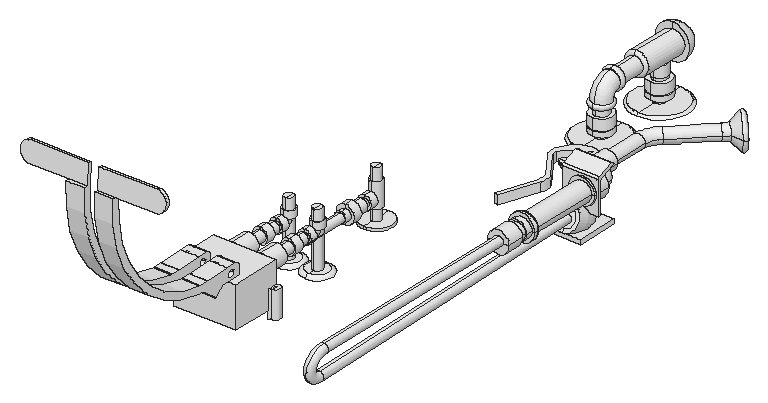
Revit family "Bed_Pan-American_Standard-Cleanser-7880.124xxx", category Plumbing Fixtures, host Face, Revit 2014
Parameters (values of type "7880.124")
  Width = 0' - 3 3/4"
  Waste Connection = yes
  WFU = 2
  Vent Connection = no
  URL = "https://www.americanstandard-us.com/"
  Revised Date = "11/21/2016"
  Product Page URL = "https://www.americanstandard-us.com/bathroom/commercial-faucets/bed-pan-cleanser-with-self-closing-spray-valve-and-wall-mounted-pedal-valve-19837"
  Product Documentation Link = "https://www.americanstandard-us.com/-/media/sites/asus/files/product-specs/bulk/specsheet7880124.pdf?la=en"
  Outlet Diameter = 0' - 0 3/8"
  NPT Connection Size = 0' - 0 1/2"
  Model = "7880.124"
  Material = "Brass-American Standard-002-Polished Chrome"
  Manufacturer = "American Standard"
  Length = 0' - 11 5/16"
  Inlet Diameter Connection = 0' - 0 3/8"
  Height = 1' - 10 1/4"
  HWFU = 1.5
  HW Connection = yes
  Description = "Bed Pan Cleaners Self-Closing Spray and Wall Mounted Pedal Valve."
  Default Elevation = 1' - 5 1/4"
  CWFU = 1.5
  CW Connection = yes
  Assembly Code = "D2030400"
Reference planes (in)
  plane 1 "Center (Front/Back)": y = 0
  plane 2: z = 0
  plane 3 "Center (Left/Right)": x = 0
  plane 4: y = -17.24036
  plane 5: y = -4.24036
  plane 6: y = 5.00964
  plane 7: y = -7.17786
  plane 8: x = 0.78125
  plane 9: x = -0.78125
  plane 10: x = 1.55065
  plane 11: y = -2.75
  plane 12: y = -14.86536
  plane 13: z = 11.3125
  plane 14: x = 1.875
  plane 15: x = -1.875
  plane 16: y = 16.75486
  plane 17: y = 20.75486
  plane 18: y = 19.1723
  plane 19: y = 4.2973
Forms (in)
  Sweep 1, solid, material "Brass-American Standard-002-Polished Chrome"
    path origin (-0.78125, 18.23527, -47.5) x (0, 1, 0) y (0, 0, -1)
      loop
        line (-26.74914, -50.77866) -> (-26.87544, -50.77866)
        arc (-26.87544, -50.77866) -> (-26.90572, -50.77952) -> (-26.93591, -50.78209) r 0.53507
        arc (-26.93591, -50.78209) -> (-31.14527, -53.07867) -> (-32.55746, -57.66112) r 6.36505
    profile origin (-0.78125, -8.57702, 3.27866) x (0, 0, 1) y (-1, 0, 0)
      loop
        line (0, 0.5) -> (-0.375, 0.5) -> (-0.375, -0.5) -> (0, -0.5) -> (0, 0.5)
  Extrusion 2, solid, material "Brass-American Standard-002-Polished Chrome"
    sketch origin (-1.4766, 20.25658, -45.80938) x (0, 0.999391, 0.034899) y (0, 0.034899, -0.999391)
      loop
        line (-32.46689, -58.26275) -> (-32.60436, -57.14319) -> (-32.76212, -57.16256) -> (-32.62465, -58.28212) -> (-32.46689, -58.26275)
    from -1.19535 to 2.61109
  Extrusion 3, solid, material "Brass-American Standard-002-Polished Chrome"
    sketch origin (2, 18.59205, -47.5) x (0, 1, 0) y (0, 0, -1)
      loop
        line (-22.58241, -50.16623) -> (-22.58241, -47.91623) -> (-25.39406, -47.91623) -> (-25.39406, -50.16623) -> (-22.58241, -50.16623)
    from 0.29687 to 3.70312
  Extrusion 4, solid, material "Brass-American Standard-002-Polished Chrome"
    sketch origin (-0.28125, 18.59205, -47.5) x (0, 1, 0) y (0, 0, -1)
      loop
        line (-24.63929, -50.16623) -> (-25.72314, -50.16623) -> (-25.89992, -49.98945) -> (-26.19736, -49.69201) -> (-27.10592, -50.40186) -> (-27.10592, -50.77866) -> (-26.75314, -50.77866)
        arc (-26.75314, -50.77866) -> (-26.7377, -50.7789) -> (-26.72227, -50.7796) r 0.51034
        arc (-26.72227, -50.7796) -> (-26.05596, -50.81643) -> (-25.38929, -50.84621) r 62.94107
        arc (-25.38929, -50.84621) -> (-25.13417, -50.85112) -> (-24.87906, -50.8458) r 6.35851
        arc (-24.87906, -50.8458) -> (-24.70893, -50.76913) -> (-24.63929, -50.59601) r 0.25
        line (-24.63929, -50.59601) -> (-24.63929, -50.16623)
      loop
        circle (-25.17542, -50.44597) r 0.20722
    from 0 to 1
  Revolve 5, solid, material "Brass-American Standard-002-Polished Chrome"
    sketch origin (0, 18.59205, -47.6875) x (0, 1, 0) y (0, 0, -1)
      loop
        line (-13.58241, -48.94084) -> (-13.58241, -48.7103) -> (-13.96293, -48.7103) -> (-13.96293, -48.56172) -> (-14.37418, -48.56172) -> (-14.37418, -48.7103) -> (-14.62418, -48.7103) -> (-14.62418, -48.60506) -> (-15.22847, -48.60506) -> (-15.22847, -48.43791) -> (-15.69275, -48.43791) -> (-15.69275, -48.63631) -> (-16.0457, -48.63631) -> (-16.0457, -48.71167) -> (-21.34205, -48.71167) -> (-21.34205, -48.42247) -> (-22.4696, -48.42247) -> (-22.4696, -48.4929) -> (-22.58241, -48.4929) -> (-22.58241, -48.94084) -> (-13.58241, -48.94084)
      axis (-22.58241, -48.94084) -> (-13.58241, -48.94084)
    angle from 0 to 360
  Revolve 6, solid, material "Brass-American Standard-002-Polished Chrome"
    sketch origin (0.78125, 19.17472, -47.5) x (0, 1, 0) y (0, 0, -1)
      loop
        line (-19.17472, -50.68173) -> (-19.17472, -47.5) -> (-19.98974, -47.5)
        arc (-19.98974, -47.5) -> (-19.90599, -47.60844) -> (-19.78382, -47.67046) r 0.31154
        line (-19.78382, -47.67046) -> (-19.42472, -47.67046) -> (-19.42472, -49.7423) -> (-19.52307, -49.7423) -> (-19.52307, -50.10509) -> (-19.42472, -50.10509) -> (-19.42472, -50.68173) -> (-19.17472, -50.68173)
      axis (-19.17472, -50.68173) -> (-19.17472, -47.5)
    angle from 0 to 360
  Revolve 7, solid, material "Brass-American Standard-002-Polished Chrome"
    sketch origin (-0.78125, 19.17472, -47.5) x (0, 1, 0) y (0, 0, 1)
      loop
        line (-19.17472, 50.68173) -> (-19.42472, 50.68173) -> (-19.42472, 50.10509) -> (-19.52307, 50.10509) -> (-19.52307, 49.7423) -> (-19.42472, 49.7423) -> (-19.42472, 47.67046) -> (-19.78382, 47.67046)
        arc (-19.78382, 47.67046) -> (-19.90599, 47.60844) -> (-19.98974, 47.5) r 0.31154
        line (-19.98974, 47.5) -> (-19.17472, 47.5) -> (-19.17472, 50.68173)
      axis (-19.17472, 50.68173) -> (-19.17472, 47.5)
    angle from 0 to 360
  Revolve 8, solid, material "Brass-American Standard-002-Polished Chrome"
    sketch origin (0, 21.53919, -47.5) x (0, 1, 0) y (0, 0, -1)
      loop
        line (-16.52955, -50.24901) -> (-16.52955, -47.5) -> (-17.41299, -47.5) -> (-17.41299, -47.63754) -> (-16.77955, -47.63754) -> (-16.77955, -48.2823) -> (-16.85951, -48.2823) -> (-16.85951, -49.59937) -> (-16.77955, -49.59937) -> (-16.77955, -50.24901) -> (-16.52955, -50.24901)
      axis (-16.52955, -50.24901) -> (-16.52955, -47.5)
    angle from 0 to 360
  Revolve 9, solid, material "Brass-American Standard-002-Polished Chrome"
    sketch origin (3, 24.21705, -47.5) x (0, 1, 0) y (0, 0, -1)
      loop
        line (-1.90065, -50.10555) -> (-6.83688, -50.10555) -> (-6.83688, -50.60555)
        arc (-6.83688, -50.60555) -> (-6.65755, -50.69574) -> (-6.47822, -50.60555) r 0.22338
        line (-6.47822, -50.60555) -> (-6.47822, -50.53884) -> (-5.16749, -50.53884)
        arc (-5.16749, -50.53884) -> (-5.14586, -50.67629) -> (-5.0241, -50.74363) r 0.15839
        line (-5.0241, -50.74363) -> (-2.5695, -50.74363) -> (-2.5695, -51.05552)
        arc (-2.5695, -51.05552) -> (-2.20974, -50.9539) -> (-1.90065, -50.74363) r 1.16569
        line (-1.90065, -50.74363) -> (-1.90065, -50.10555)
      axis (-1.90065, -50.10555) -> (-6.83688, -50.10555)
    angle from 0 to 360
  Sweep 10, solid, material "Brass-American Standard-002-Polished Chrome"
    path origin (-15, 24.21705, -47.5) x (0, 1, 0) y (0, 0, -1)
      loop
        arc (-7.46219, -49.39845) -> (-7.25352, -49.90223) -> (-6.74973, -50.1109) r 0.71246
    profile origin (-15, 16.96353, 2.40223) x (0, 0.707107, -0.707107) y (-1, 0, 0)
      loop
        circle (0, -18) r 0.5
  Revolve 11, solid, material "Brass-American Standard-002-Polished Chrome"
    sketch origin (3, 24.21705, -47.5) x (0, 1, 0) y (0, 0, -1)
      loop
        line (-7.46219, -49.39845) -> (-7.46219, -47.5) -> (-9.02671, -47.5) -> (-8.90483, -47.62188) -> (-7.77671, -47.62188) -> (-7.77671, -47.87188) -> (-8.09123, -47.87188) -> (-8.09123, -48.12188) -> (-7.94646, -48.12188) -> (-7.94646, -48.19616) -> (-8.09123, -48.19616) -> (-8.09123, -48.7595) -> (-7.84123, -48.7595) -> (-7.84123, -49.14845) -> (-7.96219, -49.14845)
        arc (-7.96219, -49.14845) -> (-8.08719, -49.27345) -> (-7.96219, -49.39845) r 0.125
        line (-7.96219, -49.39845) -> (-7.46219, -49.39845)
      axis (-7.46219, -49.39845) -> (-7.46219, -47.5)
    angle from 0 to 360
  Revolve 12, solid, material "Brass-American Standard-002-Polished Chrome"
    sketch origin (3, 28.21705, -47.5) x (0, 1, 0) y (0, 0, -1)
      loop
        line (-7.46219, -49.51262) -> (-7.46219, -47.5) -> (-9.02671, -47.5) -> (-8.90483, -47.62188) -> (-7.77671, -47.62188) -> (-7.77671, -47.87188) -> (-8.09123, -47.87188) -> (-8.09123, -48.12188) -> (-7.94646, -48.12188) -> (-7.94646, -48.19616) -> (-8.09123, -48.19616) -> (-8.09123, -48.7595) -> (-7.84123, -48.7595) -> (-7.84123, -48.92848) -> (-7.88812, -48.92848) -> (-7.88812, -49.51262) -> (-7.46219, -49.51262)
      axis (-7.46219, -49.51262) -> (-7.46219, -47.5)
    angle from 0 to 360
  Revolve 13, solid, material "Brass-American Standard-002-Polished Chrome"
    sketch origin (73.12489, 18.52671, 1.84842) x (0, 1, 0) y (-1, 0, 0)
      loop
        line (-14.22941, 65.82993) -> (-7.36056, 65.82993) -> (-7.36056, 66.29602) -> (-7.5641, 66.29602) -> (-7.5641, 66.54602) -> (-8.5056, 66.54602) -> (-8.5056, 66.36299) -> (-12.31322, 66.36299)
        arc (-12.31322, 66.36299) -> (-12.32966, 66.48786) -> (-12.44137, 66.54602) r 0.13638
        line (-12.44137, 66.54602) -> (-12.60825, 66.54602) -> (-12.60825, 66.36299) -> (-12.94738, 66.36299) -> (-12.94738, 66.28225) -> (-13.34034, 66.28225) -> (-13.34034, 66.42221) -> (-14.22941, 66.42221) -> (-14.22941, 65.82993)
      axis (-7.36056, 65.82993) -> (-14.22941, 65.82993)
    angle from 0 to 360
  Sweep 14, solid, material "Brass-American Standard-002-Polished Chrome"
    path origin (73.12489, 18.52671, 1.84842) x (0, 1, 0) y (-1, 0, 0)
      loop
        line (-6.87596, 67.40146) -> (-6.87596, 66.34102)
        arc (-6.87596, 66.34102) -> (-7.02627, 65.97812) -> (-7.38918, 65.8278) r 0.51322
    profile origin (6.78387, 11.65076, 1.84842) x (0, 1, 0) y (0, 0, 1)
      loop
        circle (0, 0) r 0.46609
  Sweep 15, solid, material "Brass-American Standard-002-Polished Chrome"
    path origin (73.03114, 18.52671, 1.84842) x (0, 1, 0) y (-1, 0, 0)
      loop
        line (-11.36711, 68.06952) -> (-9.31242, 67.32167)
        arc (-9.31242, 67.32167) -> (-8.9701, 67.25936) -> (-8.62649, 67.31408) r 1.0343
        arc (-8.62649, 67.31408) -> (-7.90865, 67.87056) -> (-7.15758, 68.38131) r 14.59528
        arc (-7.15758, 68.38131) -> (-6.89058, 68.45897) -> (-6.62358, 68.38131) r 0.49783
        arc (-6.62358, 68.38131) -> (-6.3527, 68.10838) -> (-6.22614, 67.74527) r 0.86896
    profile origin (4.96163, 7.1596, 1.84842) x (-0.939693, 0.34202, 0) y (0, 0, 1)
      loop
        line (0.25, 0.25) -> (0, 0.25) -> (0, -0.25) -> (0.25, -0.25) -> (0.25, 0.25)
  Sweep 16, solid, material "Brass-American Standard-002-Polished Chrome"
    path origin (73.12489, 18.52671, 1.84842) x (0, 1, 0) y (-1, 0, 0)
      loop
        line (-5.65776, 66.27223) -> (-3.60831, 66.27223)
        arc (-3.60831, 66.27223) -> (-3.17739, 66.18652) -> (-2.81207, 65.94242) r 1.12606
        line (-2.81207, 65.94242) -> (-0.98398, 64.11433)
    profile origin (6.85266, 12.86896, 1.84842) x (-1, 0, 0) y (0, 0, 1)
      loop
        circle (0.375, 0) r 0.375
  Extrusion 17, solid, material "Brass-American Standard-002-Polished Chrome"
    sketch origin (6.85266, 12.86896, 1.84842) x (1, 0, 0) y (0, 0, 1)
      loop
        circle (-0.375, 0) r 0.5
    from 0 to 0.96098
  Extrusion 18, solid, material "Brass-American Standard-002-Polished Chrome"
    sketch origin (73.03114, 18.52671, 1.84842) x (0, 1, 0) y (-1, 0, 0)
      loop
        arc (-6.20302, 67.56491) -> (-6.14154, 66.94588) -> (-5.61336, 67.27452) r 0.36633
        arc (-5.61336, 67.27452) -> (-5.90902, 68.2971) -> (-6.89058, 68.70897) r 1.23377
        line (-6.89058, 68.70897) -> (-6.89058, 68.45897)
        arc (-6.89058, 68.45897) -> (-6.42728, 68.10385) -> (-6.20302, 67.56491) r 1.13001
      loop
        circle (-5.97969, 67.27452) r 0.09362
    from -0.25 to 0.25
  Revolve 19, solid, material "Brass-American Standard-002-Polished Chrome"
    sketch origin (73.12489, 18.52671, 1.84842) x (0, 1, 0) y (-1, 0, 0)
      loop
        arc (-6.89145, 68.33281) -> (-7.06702, 68.26009) -> (-7.13974, 68.08452) r 0.24829
        line (-7.13974, 68.08452) -> (-7.13974, 67.97869) -> (-7.25778, 67.97869) -> (-7.25778, 67.40146) -> (-6.89145, 67.40146) -> (-6.89145, 68.33281)
      axis (-6.89145, 67.40146) -> (-6.89145, 68.33281)
    angle from 0 to 180
  Revolve 20, solid, material "Brass-American Standard-002-Polished Chrome"
    sketch origin (73.12489, 18.52671, 1.84842) x (0, 1, 0) y (-1, 0, 0)
      loop
        line (-0.71881, 64.37949) -> (0.03705, 63.62363) -> (0.57927, 64.16585)
        arc (0.57927, 64.16585) -> (0.63957, 64.31142) -> (0.51457, 64.40733) r 0.12941
        line (0.51457, 64.40733) -> (-0.18178, 64.40733) -> (-0.43638, 64.66193) -> (-0.71881, 64.37949)
      axis (-0.71881, 64.37949) -> (0.03705, 63.62363)
    angle from 0 to 360
  Revolve 21, solid, material "Brass-American Standard-002-Polished Chrome"
    sketch origin (7.14102, 22.56168, -47.34375) x (0, 1, 0) y (0, 0, -1)
      loop
        line (-12.22385, -47.66084) -> (-13.38051, -48.1967) -> (-13.16021, -48.67223) -> (-13.0943, -48.81449)
        arc (-13.0943, -48.81449) -> (-12.26489, -48.34475) -> (-11.60093, -47.66084) r 3.35729
        line (-11.60093, -47.66084) -> (-12.22385, -47.66084)
      axis (-11.711, -47.42325) -> (-13.38051, -48.1967)
    angle from 0 to 360
  Extrusion 22, solid, material "Brass-American Standard-002-Polished Chrome"
    sketch origin (-10.85898, 22.68133, -47.5161) x (0, 1, 0) y (0, 0, -1)
      loop
        line (-11.49232, -47.7575) -> (-11.49232, -47.5161) -> (-13.78133, -47.5161) -> (-13.78133, -47.7575) -> (-11.49232, -47.7575)
    from -18.99573 to -16.99573
  Extrusion 23, solid, material "Brass-American Standard-002-Polished Chrome"
    sketch origin (23.14102, 10.40713, -0.13384) x (0, 1, 0) y (0, 0, -1)
      loop
        line (-0.30054, -0.9752) -> (-0.30054, -2.77857)
        arc (-0.30054, -2.77857) -> (-0.27731, -2.85116) -> (-0.21624, -2.89676) r 0.125
        line (-0.21624, -2.89676) -> (0.64498, -3.1933)
        arc (0.64498, -3.1933) -> (0.72442, -3.15456) -> (0.68567, -3.07511) r 0.0625
        line (0.68567, -3.07511) -> (-0.09124, -2.8076)
        arc (-0.09124, -2.8076) -> (-0.15231, -2.762) -> (-0.17554, -2.68941) r 0.125
        line (-0.17554, -2.68941) -> (-0.17554, -0.9752) -> (-0.30054, -0.9752)
    from 15 to 16.9766
  Sweep 24, solid, material "Brass-American Standard-002-Polished Chrome"
    path origin (-4.47996, -174.81099, 3.92466) x (0.173648, 0, 0.984808) y (0, 1, 0)
      loop
        line (0.06417, 179.30138) -> (0.06417, 167.05138)
        arc (0.06417, 167.05138) -> (-0.69435, 166.30143) -> (-1.43564, 167.06841) r 0.75
        line (-1.43564, 167.06841) -> (-1.05049, 184.02347)
    profile origin (-4.46882, -1.63461, 3.98786) x (0.173648, 0, 0.984808) y (-0.984808, 0, 0.173648)
      loop
        circle (0, -11.95657) r 0.25
  Revolve 25, solid, material "Brass-American Standard-002-Polished Chrome"
    sketch origin (0.78125, 18.9358, -47.375) x (0, 1, 0) y (0, 0, -1)
      loop
        line (-22.92616, -49.89876) -> (-22.81335, -49.89876) -> (-22.81335, -49.96779) -> (-21.6858, -49.96779) -> (-21.6858, -49.6457) -> (-21.56489, -49.6457) -> (-21.56489, -49.74118) -> (-20.91777, -49.74118) -> (-20.91777, -49.86506) -> (-20.45544, -49.86506) -> (-20.45544, -49.74118) -> (-19.96834, -49.74118) -> (-19.96834, -49.703) -> (-19.82162, -49.703) -> (-19.82162, -49.82442) -> (-19.44591, -49.82442) -> (-19.44591, -49.67137) -> (-18.9358, -49.67137) -> (-18.9358, -49.44942) -> (-22.92616, -49.44942) -> (-22.92616, -49.89876)
      axis (-18.9358, -49.44942) -> (-22.92616, -49.44942)
    angle from 0 to 360
  Extrusion 26, solid, material "Brass-American Standard-002-Polished Chrome"
    sketch origin (0, 0, 0) x (1, 0, 0) y (0, 1, 0)
      loop
        line (1.875, -3.99036) -> (1.70313, -3.99036) -> (1.70313, -4.59479)
        arc (1.70313, -4.59479) -> (1.73371, -4.52095) -> (1.80756, -4.49036) r 0.10443
        line (1.80756, -4.49036) -> (1.875, -4.49036)
        arc (1.875, -4.49036) -> (2.125, -4.24036) -> (1.875, -3.99036) r 0.25
      loop
        circle (1.875, -4.24036) r 0.0625
      loop
        arc (-1.875, -3.99036) -> (-2.125, -4.24036) -> (-1.875, -4.49036) r 0.25
        line (-1.875, -4.49036) -> (-1.80756, -4.49036)
        arc (-1.80756, -4.49036) -> (-1.73371, -4.52095) -> (-1.70312, -4.59479) r 0.10443
        line (-1.70312, -4.59479) -> (-1.70312, -3.99036) -> (-1.875, -3.99036)
      loop
        circle (-1.875, -4.24036) r 0.0625
    from 0 to 1.45122
  Revolve 27, solid, material "Brass-American Standard-002-Polished Chrome"
    sketch origin (-0.78125, 18.9358, -47.375) x (0, 1, 0) y (0, 0, 1)
      loop
        line (-22.92616, 49.89876) -> (-22.92616, 49.44942) -> (-18.9358, 49.44942) -> (-18.9358, 49.67137) -> (-19.44591, 49.67137) -> (-19.44591, 49.82442) -> (-19.82162, 49.82442) -> (-19.82162, 49.703) -> (-19.96834, 49.703) -> (-19.96834, 49.74118) -> (-20.45544, 49.74118) -> (-20.45544, 49.86506) -> (-20.91777, 49.86506) -> (-20.91777, 49.74118) -> (-21.56489, 49.74118) -> (-21.56489, 49.6457) -> (-21.6858, 49.6457) -> (-21.6858, 49.96779) -> (-22.81335, 49.96779) -> (-22.81335, 49.89876) -> (-22.92616, 49.89876)
      axis (-18.9358, 49.44942) -> (-22.92616, 49.44942)
    angle from 0 to 360
  Sweep 28, solid, material "Brass-American Standard-002-Polished Chrome"
    path origin (0.78125, 18.23527, -47.5) x (0, 1, 0) y (0, 0, 1)
      loop
        line (-26.74914, 50.77866) -> (-26.87544, 50.77866)
        arc (-26.87544, 50.77866) -> (-26.90572, 50.77952) -> (-26.93591, 50.78209) r 0.53507
        arc (-26.93591, 50.78209) -> (-31.14527, 53.07867) -> (-32.55746, 57.66112) r 6.36505
    profile origin (0.78125, -8.57702, 3.27866) x (0, 0, -1) y (1, 0, 0)
      loop
        line (0, 0.5) -> (0, -0.5) -> (0.375, -0.5) -> (0.375, 0.5) -> (0, 0.5)
  Extrusion 29, solid, material "Brass-American Standard-002-Polished Chrome"
    sketch origin (0.78125, 20.25658, -45.80938) x (0, 0.999391, 0.034899) y (0, -0.034899, 0.999391)
      loop
        line (-32.46689, 58.26275) -> (-32.62465, 58.28212) -> (-32.76212, 57.16256) -> (-32.60436, 57.14319) -> (-32.46689, 58.26275)
    from -0.5 to 3.25094
  Extrusion 30, solid, material "Brass-American Standard-002-Polished Chrome"
    sketch origin (0.28125, 18.59205, -47.5) x (0, 1, 0) y (0, 0, 1)
      loop
        line (-24.63929, 50.16623) -> (-24.63929, 50.59601)
        arc (-24.63929, 50.59601) -> (-24.70893, 50.76913) -> (-24.87906, 50.8458) r 0.25
        arc (-24.87906, 50.8458) -> (-25.13417, 50.85112) -> (-25.38929, 50.84621) r 6.35851
        arc (-25.38929, 50.84621) -> (-26.05596, 50.81643) -> (-26.72227, 50.7796) r 62.94107
        arc (-26.72227, 50.7796) -> (-26.7377, 50.7789) -> (-26.75314, 50.77866) r 0.51034
        line (-26.75314, 50.77866) -> (-27.10592, 50.77866) -> (-27.10592, 50.40186) -> (-26.19736, 49.69201) -> (-25.89992, 49.98945) -> (-25.72314, 50.16623) -> (-24.63929, 50.16623)
      loop
        circle (-25.17542, 50.44597) r 0.20722
    from 0 to 1
  Extrusion 31, void
    sketch origin (-0.69535, 0, 0) x (-1, 0, 0) y (0, 0, -1)
      loop
        line (-4.14315, -10.16112) -> (-4.87488, -10.16112) -> (-4.87488, -11.29865) -> (-4.14315, -11.29865)
        arc (-4.14315, -11.29865) -> (-4.71192, -10.72988) -> (-4.14315, -10.16112) r 0.56877
      loop
        arc (2.75246, -10.16112) -> (3.32122, -10.72988) -> (2.75246, -11.29865) r 0.56877
        line (2.75246, -11.29865) -> (3.48418, -11.29865) -> (3.48418, -10.16112) -> (2.75246, -10.16112)
    from 14.05576 to 14.69576
Cuts and joins
  Extrusion 31 cuts Sweep 1
  Extrusion 31 cuts Extrusion 2
  Extrusion 31 cuts Extrusion 3
  Extrusion 31 cuts Extrusion 4
  Extrusion 31 cuts Revolve 5
  Extrusion 31 cuts Revolve 6
  Extrusion 31 cuts Revolve 7
  Extrusion 31 cuts Revolve 8
  Extrusion 31 cuts Revolve 25
  Extrusion 31 cuts Extrusion 26
  Extrusion 31 cuts Revolve 27
  Extrusion 31 cuts Extrusion 29
  joined: Sweep 1, Extrusion 2, Extrusion 3, Extrusion 4, Revolve 5, Revolve 6, Revolve 7, Revolve 8, Revolve 25, Extrusion 26, Revolve 27, Sweep 28, Extrusion 29, Extrusion 30
  joined: Sweep 16, Extrusion 17, Revolve 20
  joined: Sweep 15, Extrusion 18
  joined: Revolve 13, Extrusion 22, Extrusion 23, Sweep 24
Lines and regions (in)
  Masking region 1
    outline origin (0, 0, 0) x (1, 0, 0) y (0, 0, 1)
      loop
        line (-3.4478, 10.16112) -> (-1.28125, 10.16112) -> (-1.28125, 2.66623) -> (-1.70312, 2.66623) -> (-1.70312, 1.45122) -> (-2.125, 1.45122) -> (-2.125, 0) -> (4.56452, 0) -> (4.44264, 0.12188) -> (3.31452, 0.12188) -> (3.31452, 0.37188) -> (3.62904, 0.37188) -> (3.62904, 0.62188) -> (3.48427, 0.62188) -> (3.48427, 0.69616) -> (3.62904, 0.69616) -> (3.62904, 1.2595) -> (3.37904, 1.2595) -> (3.37904, 1.42848) -> (3.42593, 1.42848) -> (3.42593, 1.64819) -> (3.50139, 1.64819)
        arc (3.50139, 1.64819) -> (3.61653, 1.7253) -> (3.58907, 1.86113) r 0.12452
        arc (3.58907, 1.86113) -> (2.99908, 3.55542) -> (2.41045, 1.86065) r 0.94974
        arc (2.41045, 1.86065) -> (2.38359, 1.72499) -> (2.49861, 1.64819) r 0.12452
        line (2.49861, 1.64819) -> (2.57407, 1.64819) -> (2.57407, 1.42848) -> (2.62096, 1.42848) -> (2.62096, 1.2595) -> (2.37096, 1.2595) -> (2.37096, 0.69616) -> (2.51573, 0.69616) -> (2.51573, 0.62188) -> (2.37096, 0.62188) -> (2.37096, 0.37188) -> (2.68548, 0.37188) -> (2.68548, 0.12188) -> (2.125, 0.12188) -> (2.125, 1.45122) -> (1.70313, 1.45122) -> (1.70313, 2.66623) -> (1.28125, 2.66623) -> (1.28125, 10.16112) -> (3.4478, 10.16112)
        arc (3.4478, 10.16112) -> (4.01657, 10.72988) -> (3.4478, 11.29865) r 0.56877
        line (3.4478, 11.29865) -> (0.28125, 11.29865) -> (0.28125, 2.66623) -> (0.25, 2.66623) -> (0.25, 2.74901) -> (-0.25, 2.74901) -> (-0.25, 2.66623) -> (-0.28125, 2.66623) -> (-0.28125, 11.29865) -> (-3.4478, 11.29865)
        arc (-3.4478, 11.29865) -> (-4.01657, 10.72988) -> (-3.4478, 10.16112) r 0.56877
      loop
        line (4.32071, 2.09842) -> (4.32071, 1.59842) -> (5.1462, 1.59842) -> (5.1462, 1.48206) -> (5.72343, 1.48206) -> (5.72343, 1.38234) -> (6.16443, 1.38234) -> (6.16443, 0.84136) -> (6.45458, 0.84136)
        arc (6.45458, 0.84136) -> (6.47795, 0.53279) -> (6.58211, 0.2414) r 1.15946
        line (6.58211, 0.2414) -> (6.13675, 0.2414) -> (6.13675, 0) -> (8.13675, 0) -> (8.13675, 0.2414) -> (7.69921, 0.2414)
        arc (7.69921, 0.2414) -> (7.80337, 0.53279) -> (7.82674, 0.84136) r 1.15946
        line (7.82674, 0.84136) -> (8.14102, 0.84136) -> (8.14102, 1.47475) -> (8.64562, 1.47475)
        spline (8.64562, 1.47475) -> (8.65361, 1.47067) -> (8.66169, 1.46694) -> (8.66985, 1.46355) -> (8.67807, 1.46051) -> (8.68635, 1.45782) -> (8.69469, 1.45549) -> (8.70307, 1.45351) -> (8.71149, 1.45188) -> (8.71994, 1.45062) -> (8.72841, 1.44972) -> (8.7369, 1.44918) -> (8.7454, 1.449)
        line (8.7454, 1.449) -> (8.78158, 1.449)
        arc (8.78158, 1.449) -> (8.86499, 1.27553) -> (8.979, 1.12044) r 1.03799
        arc (8.979, 1.12044) -> (9.41328, 0.91658) -> (9.84756, 1.12044) r 0.5645
        arc (9.84756, 1.12044) -> (10.10992, 1.8253) -> (9.87543, 2.53992) r 1.13829
        arc (9.87543, 2.53992) -> (9.43624, 2.7798) -> (8.979, 2.57641) r 0.5645
        arc (8.979, 2.57641) -> (8.86499, 2.42132) -> (8.78158, 2.24785) r 1.03799
        line (8.78158, 2.24785) -> (8.7454, 2.24785)
        spline (8.7454, 2.24785) -> (8.7369, 2.24767) -> (8.72841, 2.24713) -> (8.71994, 2.24623) -> (8.71149, 2.24496) -> (8.70307, 2.24334) -> (8.69469, 2.24136) -> (8.68635, 2.23903) -> (8.67807, 2.23634) -> (8.66985, 2.2333) -> (8.66169, 2.22991) -> (8.65361, 2.22617) -> (8.64562, 2.2221)
        line (8.64562, 2.2221) -> (8.14102, 2.2221) -> (8.14102, 3.05947) -> (6.16443, 3.05947) -> (6.16443, 2.31451) -> (5.72343, 2.31451) -> (5.72343, 2.09842) -> (4.32071, 2.09842)
  symbolic lines, detail levels medium+fine
    curve 1: line (-0.53125, 0, 3.18173) -> (-0.53125, 0, 2.60509)
    curve 2: line (-0.53125, 0, 2.60509) -> (-0.43289, 0, 2.60509)
    curve 3: line (-0.43289, 0, 2.60509) -> (-0.43289, 0, 2.2423)
    curve 4: line (-0.43289, 0, 2.2423) -> (-0.53125, 0, 2.2423)
    curve 5: line (-0.53125, 0, 2.2423) -> (-0.53125, 0, 0.17046)
    curve 6: line (-0.53125, 0, 0.17046) -> (-0.25, 0, 0.17046)
    curve 7: line (-0.25, 0, 0.13754) -> (-0.25, 0, 0.7823)
    curve 8: line (-0.25, 0, 0.7823) -> (-0.32996, 0, 0.7823)
    curve 9: line (-0.32996, 0, 0.7823) -> (-0.32996, 0, 2.09937)
    curve 10: line (-0.32996, 0, 2.09937) -> (-0.25, 0, 2.09937)
    curve 11: line (-0.25, 0, 2.09937) -> (-0.25, 0, 2.74901)
    curve 12: line (-0.25, 0, 2.74901) -> (0.25, 0, 2.74901)
    curve 13: line (0.25, 0, 2.74901) -> (0.25, 0, 2.09937)
    curve 14: line (0.25, 0, 2.09937) -> (0.32996, 0, 2.09937)
    curve 15: line (0.32996, 0, 2.09937) -> (0.32996, 0, 0.7823)
    curve 16: line (0.32996, 0, 0.7823) -> (0.25, 0, 0.7823)
    curve 17: line (0.25, 0, 0.7823) -> (0.25, 0, 0.13754)
    curve 18: line (0.25, 0, 0.17046) -> (0.53125, 0, 0.17046)
    curve 19: line (0.53125, 0, 0.17046) -> (0.53125, 0, 2.2423)
    curve 20: line (0.53125, 0, 2.2423) -> (0.43289, 0, 2.2423)
    curve 21: line (0.43289, 0, 2.2423) -> (0.43289, 0, 2.60509)
    curve 22: line (0.43289, 0, 2.60509) -> (0.53125, 0, 2.60509)
    curve 23: line (0.53125, 0, 2.60509) -> (0.53125, 0, 3.18173)
    curve 24: line (0.53125, 0, 3.18173) -> (1.03125, 0, 3.18173)
    curve 25: line (1.03125, 0, 3.18173) -> (1.03125, 0, 2.60509)
    curve 26: line (1.03125, 0, 2.60509) -> (1.12961, 0, 2.60509)
    curve 27: line (1.12961, 0, 2.60509) -> (1.12961, 0, 2.2423)
    curve 28: line (1.12961, 0, 2.2423) -> (1.03125, 0, 2.2423)
    curve 29: line (1.03125, 0, 2.2423) -> (1.03125, 0, 0.17046)
    curve 30: line (1.03125, 0, 0.17046) -> (1.39035, 0, 0.17046)
    curve 31: arc (1.39035, 0, 0.17046) -> (1.46521, 0, 0.14195) -> (1.52907, 0, 0.09359) r 0.28256
    curve 32: line (-1.03125, 0, 3.18173) -> (-1.03125, 0, 2.60509)
    curve 33: line (-1.03125, 0, 2.60509) -> (-1.12961, 0, 2.60509)
    curve 34: line (-1.12961, 0, 2.60509) -> (-1.12961, 0, 2.2423)
    curve 35: line (-1.12961, 0, 2.2423) -> (-1.03125, 0, 2.2423)
    curve 36: line (-1.03125, 0, 2.2423) -> (-1.03125, 0, 0.17046)
    curve 37: line (-1.03125, 0, 0.17046) -> (-1.39035, 0, 0.17046)
    curve 39: arc (-1.39035, 0, 0.17046) -> (-1.51324, 0, 0.10929) -> (-1.59628, 0, 0) r 0.30156
    curve 40: line (-1.03125, 0, 3.18173) -> (-0.53125, 0, 3.18173)
    curve 41: line (0.28125, 0, 2.66623) -> (0.53125, 0, 2.66623)
    curve 42: line (1.03125, 0, 2.66623) -> (1.28125, 0, 2.66623)
    curve 43: line (-1.28125, 0, 2.66623) -> (-1.03125, 0, 2.66623)
    curve 44: line (-0.53125, 0, 2.66623) -> (-0.28125, 0, 2.66623)
    curve 45: line (0.88344, 0, 0) -> (0.88344, 0, 0.13754)
    curve 46: line (0.88344, 0, 0.13754) -> (0.25, 0, 0.13754)
    curve 47: line (-0.25, 0, 0.13754) -> (-0.88344, 0, 0.13754)
    curve 48: line (-0.88344, 0, 0.13754) -> (-0.88344, 0, 0)
    curve 49: line (-1.70312, 0, 0) -> (-1.70312, 0, 0.41623)
    curve 50: line (-1.70312, 0, 0.41623) -> (-1.03125, 0, 0.41623)
    curve 51: line (-0.25, 0, 0.41623) -> (-0.53125, 0, 0.41623)
    curve 52: line (0.25, 0, 0.41623) -> (0.53125, 0, 0.41623)
    curve 53: line (1.03125, 0, 0.41623) -> (1.70313, 0, 0.41623)
    curve 54: line (1.70313, 0, 0.41623) -> (1.70313, 0, 0.12188)
    curve 84: line (-0.25, 0, 0.7823) -> (0.25, 0, 0.7823)
    curve 85: line (2.125, 0, 0.12188) -> (1.55736, 0, 0.12188)
    curve 86: line (1.55736, 0, 0.12188) -> (1.43548, 0, 0)
    curve 88: arc (3.58907, 0, 1.86113) -> (2.99946, 0, 1.64845) -> (2.40985, 0, 1.86113) r 0.92362
    curve 97: arc (6.80838, 0, 2.22342) -> (5.97766, 0, 1.84842) -> (6.80838, 0, 1.47342) r 0.5
    curve 98: arc (6.47766, 0, 2.22342) -> (6.10266, 0, 1.84842) -> (6.47766, 0, 1.47342) r 0.375
    curve 99: line (6.47766, 0, 2.22342) -> (8.14102, 0, 2.22342)
    curve 100: line (6.47766, 0, 1.47342) -> (8.14102, 0, 1.47342)
    curve 101: arc (7.90501, 0, 2.22342) -> (7.35133, 0, 2.56229) -> (6.75133, 0, 2.31451) r 0.71609
    curve 102: arc (6.75133, 0, 1.38234) -> (7.35133, 0, 1.13456) -> (7.90501, 0, 1.47342) r 0.71609
    curve 103: arc (7.57388, 0, 2.22342) -> (7.44279, 0, 2.29116) -> (7.29709, 0, 2.31451) r 0.46609
    curve 104: arc (7.57388, 0, 1.47342) -> (7.44279, 0, 1.40569) -> (7.29709, 0, 1.38234) r 0.46609
    curve 105: line (7.29709, 0, 2.31451) -> (6.65866, 0, 2.31451)
    curve 106: line (7.29709, 0, 1.38234) -> (6.65866, 0, 1.38234)
    curve 107: line (6.29666, 0, 2.31451) -> (6.16443, 0, 2.31451)
    curve 108: line (6.29666, 0, 1.38234) -> (6.16443, 0, 1.38234)
    curve 109: line (6.59038, 0, 0.2414) -> (7.70282, 0, 0.2414)
    curve 110: line (5.72343, 0, 1.48209) -> (5.72343, 0, 1.60013)
    curve 114: line (5.1462, 0, 1.60013) -> (6.04366, 0, 1.60013)
    curve 115: line (5.71706, 0, 2.09842) -> (6.04465, 0, 2.09842)
    curve 116: arc (8.78158, 0, 2.24785) -> (8.71882, 0, 1.84842) -> (8.78158, 0, 1.449) r 1.30232
  model lines
    curve 38: line (-1.03125, 0, 3.18173) -> (-0.53125, 0, 3.18173)
  symbolic lines, detail levels fine
    curve 55: line (0.28125, 0, 3.34621) -> (1.28125, 0, 3.34621)
    curve 56: line (-0.28125, 0, 3.34621) -> (-1.28125, 0, 3.34621)
    curve 57: line (-1.03125, 0, 2.60509) -> (-0.53125, 0, 2.60509)
    curve 58: line (-0.53125, 0, 2.2423) -> (-1.03125, 0, 2.2423)
    curve 59: line (-0.25, 0, 2.09937) -> (0.25, 0, 2.09937)
    curve 60: line (0.53125, 0, 2.60509) -> (1.03125, 0, 2.60509)
    curve 61: line (0.53125, 0, 0.17046) -> (1.03125, 0, 0.17046)
    curve 62: line (0.25, 0, 0.13754) -> (-0.25, 0, 0.13754)
    curve 63: line (-0.53125, 0, 0.17046) -> (-1.03125, 0, 0.17046)
    curve 64: arc (-1.12961, 0, 2.45829) -> (-1.29609, 0, 2.01399) -> (-1.03125, 0, 1.62031) r 0.51837
    curve 65: arc (-1.12961, 0, 2.30116) -> (-1.19061, 0, 2.00237) -> (-1.03125, 0, 1.74236) r 0.41565
    curve 66: arc (-1.11657, 0, 2.2423) -> (-1.14961, 0, 2.00417) -> (-1.03125, 0, 1.79491) r 0.375
    curve 67: arc (-0.43289, 0, 2.45829) -> (-0.31248, 0, 2.29569) -> (-0.26348, 0, 2.09937) r 0.51837
    curve 68: arc (-0.43289, 0, 2.30116) -> (-0.37189, 0, 2.00237) -> (-0.53125, 0, 1.74236) r 0.41565
    curve 69: arc (-0.44593, 0, 2.2423) -> (-0.41289, 0, 2.00417) -> (-0.53125, 0, 1.79491) r 0.375
    curve 70: arc (-0.32996, 0, 1.81937) -> (-0.41675, 0, 1.70584) -> (-0.53125, 0, 1.62031) r 0.51837
    curve 71: arc (0.53125, 0, 1.62031) -> (0.41675, 0, 1.70584) -> (0.32996, 0, 1.81937) r 0.51837
    curve 72: arc (0.26348, 0, 2.09937) -> (0.31248, 0, 2.29569) -> (0.43289, 0, 2.45829) r 0.51837
    curve 73: arc (1.12961, 0, 2.45829) -> (1.29609, 0, 2.01399) -> (1.03125, 0, 1.62031) r 0.51837
    curve 74: arc (1.12961, 0, 2.30116) -> (1.19061, 0, 2.00237) -> (1.03125, 0, 1.74236) r 0.41565
    curve 75: arc (1.11657, 0, 2.2423) -> (1.14961, 0, 2.00417) -> (1.03125, 0, 1.79491) r 0.375
    curve 76: arc (0.53125, 0, 1.79491) -> (0.41289, 0, 2.00417) -> (0.44593, 0, 2.2423) r 0.375
    curve 77: arc (0.53125, 0, 1.74236) -> (0.37189, 0, 2.00237) -> (0.43289, 0, 2.30116) r 0.41565
    curve 78: arc (-0.32996, 0, 1.44003) -> (-0.37911, 0, 1.25334) -> (-0.32996, 0, 1.06665) r 0.37911
    curve 79: arc (-0.32996, 0, 1.63289) -> (-0.50292, 0, 1.25334) -> (-0.32996, 0, 0.87379) r 0.50292
    curve 80: arc (-0.32996, 0, 1.65313) -> (-0.51837, 0, 1.25334) -> (-0.32996, 0, 0.85355) r 0.51837
    curve 81: arc (0.32996, 0, 1.44003) -> (0.37911, 0, 1.25334) -> (0.32996, 0, 1.06665) r 0.37911
    curve 82: arc (0.32996, 0, 1.63289) -> (0.50292, 0, 1.25334) -> (0.32996, 0, 0.87379) r 0.50292
    curve 83: arc (0.32996, 0, 1.65313) -> (0.51837, 0, 1.25334) -> (0.32996, 0, 0.85355) r 0.51837
    curve 87: line (1.03125, 0, 2.2423) -> (0.53125, 0, 2.2423)
    curve 89: line (2.51573, 0, 0.69616) -> (3.48427, 0, 0.69616)
    curve 90: line (3.48427, 0, 0.62188) -> (2.51573, 0, 0.62188)
    curve 91: line (2.68548, 0, 0.37188) -> (3.31452, 0, 0.37188)
    curve 92: line (3.31452, 0, 0.12188) -> (2.68548, 0, 0.12188)
    curve 93: line (2.62096, 0, 1.2595) -> (3.37904, 0, 1.2595)
    curve 94: line (3.37904, 0, 1.42848) -> (2.62096, 0, 1.42848)
    curve 95: line (2.57407, 0, 1.64819) -> (3.42593, 0, 1.64819)
    curve 96: circle (3, 0, 2.60555) r 0.63808 normal (0, 1, 0)
    curve 111: spline (9.50127, 0, 2.61524) -> (9.6416, 0, 2.58911) -> (9.77238, 0, 2.51251) -> (9.88468, 0, 2.39065) -> (9.97084, 0, 2.23183) -> (10.02501, 0, 2.04689) -> (10.04349, 0, 1.84842) -> (10.02501, 0, 1.64996) -> (9.97084, 0, 1.46501) -> (9.88468, 0, 1.3062) -> (9.77238, 0, 1.18434) -> (9.6416, 0, 1.10773) -> (9.50127, 0, 1.0816) -> (9.36093, 0, 1.10773) -> (9.23015, 0, 1.18434) -> (9.11786, 0, 1.3062) -> (9.03169, 0, 1.46501) -> (8.97752, 0, 1.64996) -> (8.95904, 0, 1.84842) -> (8.97752, 0, 2.04689) -> (9.03169, 0, 2.23183) -> (9.11786, 0, 2.39065) -> (9.23015, 0, 2.51251) -> (9.36093, 0, 2.58911) -> (9.50127, 0, 2.61524)
    curve 112: spline (8.65273, 0, 1.47111) -> (8.59935, 0, 1.50654) -> (8.55234, 0, 1.55688) -> (8.51374, 0, 1.61992) -> (8.48524, 0, 1.69292) -> (8.46808, 0, 1.7727) -> (8.46301, 0, 1.85578) -> (8.47024, 0, 1.93854) -> (8.48947, 0, 2.01738) -> (8.51985, 0, 2.08884) -> (8.56007, 0, 2.14983) -> (8.60836, 0, 2.19768) -> (8.66262, 0, 2.23031)
    curve 113: line (5.75662, 0, 2.09842) -> (5.75662, 0, 1.60013)
    curve 117: line (6.45458, 0, 0.84136) -> (7.82674, 0, 0.84136)
Dimensions and locks (in)
  "Height": plane 6 to plane 4
  plane 5 to plane 4 = 1' - 1"
  plane 7 to plane 5 = 0' - 2 15/16"
  plane 9 to plane 8 = 0' - 1 9/16"
  plane 4 to plane 1 "Center (Front/Back)" = 1' - 5.24036"
  "Width": plane 15 to plane 14
  "Length": plane 13 to level
  plane 16 to plane 6 = 0' - 11.74522"
  plane 17 to plane 16 = 0' - 4"
  plane 18 to plane 19 = 1' - 2 7/8"
  aligned and locked: plane 2 to host face
  aligned and locked: level to host face
Automatic sketch dimensions
  host sketch curve to host sketch curve = 8' - 0"  (x2)
  plane 7 to Sweep 1 sketch curve = 0' - 1.46231"
  plane 7 to Sweep 1 sketch curve = 0' - 0.8035"
  Sweep 1 sketch curve to plane 13 = 0' - 1.70613"
  level to Sweep 1 sketch curve = 0' - 3.81373"
  Sweep 1 sketch curve to Sweep 1 sketch curve = 0' - 0.53507"
  Sweep 1 sketch curve to Sweep 1 sketch curve = 0' - 0"
  plane 12 to Sweep 1 sketch curve = 0' - 0.54317"
  Sweep 1 sketch curve to Sweep 1 sketch curve = 0' - 0.1263"
  Sweep 1 sketch curve to profile plane = 0' - 0"
  Sweep 1 sketch curve to Sweep 1 sketch curve = 0' - 0 3/8"
  Sweep 1 sketch curve to profile plane = 0' - 0 1/2"
  profile plane to Sweep 1 sketch curve = 0' - 0 1/2"
  plane 12 to Extrusion 2 sketch curve = 0' - 0.38483"
  Extrusion 2 sketch curve to plane 13 = 0' - 1.13753"
  Extrusion 2 sketch curve to Extrusion 2 sketch curve = 0' - 0.13747"
  Extrusion 2 sketch curve to Extrusion 2 sketch curve = 0' - 0.15776"
  Extrusion 2 sketch curve to Extrusion 2 sketch curve = 0' - 1.10019"
  Extrusion 3 sketch curve to plane 7 = 0' - 0.37586"
  plane 5 to Extrusion 3 sketch curve = 0' - 0 1/4"
  level to Extrusion 3 sketch curve = 0' - 2.66623"
  level to Extrusion 3 sketch curve = 0' - 0.41623"
  plane 7 to Extrusion 4 sketch curve = 0' - 1.33601"
  Extrusion 4 sketch curve to Extrusion 4 sketch curve = 0' - 0.35278"
  plane 7 to Extrusion 4 sketch curve = 0' - 0.42745"
  plane 7 to Extrusion 4 sketch curve = 0' - 0.13001"
  Extrusion 4 sketch curve to plane 7 = 0' - 0.04677"
  Extrusion 4 sketch curve to plane 7 = 0' - 0.59449"
  Extrusion 4 sketch curve to plane 7 = 0' - 0.63062"
  Extrusion 4 sketch curve to Extrusion 4 sketch curve = 0' - 0.28613"
  Extrusion 4 sketch curve to Extrusion 4 sketch curve = 0' - 0 1/4"
  Extrusion 4 sketch curve to plane 5 = 0' - 0.0822"
  level to Extrusion 4 sketch curve = 0' - 3.789"
  Extrusion 4 sketch curve to Extrusion 4 sketch curve = 0' - 0.51034"
  Extrusion 4 sketch curve to Extrusion 4 sketch curve = 0' - 0 47/256"
  Extrusion 4 sketch curve to Extrusion 4 sketch curve = 0' - 0.15004"
  Extrusion 4 sketch curve to Extrusion 4 sketch curve = 0' - 0.3768"
  Extrusion 4 sketch curve to Extrusion 4 sketch curve = 0' - 0.42978"
  Extrusion 4 sketch curve to Extrusion 4 sketch curve = 0' - 0.17678"
  Extrusion 4 sketch curve to Extrusion 4 sketch curve = 0' - 0.29744"
  Extrusion 4 sketch curve to level = 0' - 3.00739"
  Extrusion 4 sketch curve to Extrusion 4 sketch curve = 4' - 8.5388"
  Extrusion 4 sketch curve to Extrusion 4 sketch curve = 0' - 0"  (x2)
  Revolve 5 sketch curve to plane 11 = 0' - 0"
  Revolve 5 sketch curve to plane 6 = 0' - 0"
  plane 5 to Revolve 5 sketch curve = 0' - 0.36281"
  Revolve 5 sketch curve to Revolve 5 sketch curve = 0' - 0.11281"
  level to Revolve 5 sketch curve = 0' - 1.02417"
  Revolve 5 sketch curve to plane 6 = 0' - 2.46329"
  Revolve 5 sketch curve to Revolve 5 sketch curve = 0' - 0.35295"
  Revolve 5 sketch curve to Revolve 5 sketch curve = 0' - 0.46429"
  Revolve 5 sketch curve to Revolve 5 sketch curve = 0' - 0.60429"
  Revolve 5 sketch curve to Revolve 5 sketch curve = 0' - 0 1/4"
  Revolve 5 sketch curve to plane 6 = 0' - 0.38052"
  level to Revolve 5 sketch curve = 0' - 1.25334"
  Revolve 5 sketch curve to Revolve 5 sketch curve = 0' - 0.23054"  (x2)
  Revolve 5 sketch curve to Revolve 5 sketch curve = 0' - 0.07536"
  Revolve 5 sketch curve to Revolve 5 sketch curve = 0' - 0.10524"
  Revolve 5 sketch curve to Revolve 5 sketch curve = 0' - 0.14857"
  Revolve 5 sketch curve to Revolve 5 sketch curve = 0' - 0.44794"
  Revolve 5 sketch curve to Revolve 5 sketch curve = 0' - 0.16714"
  Revolve 5 sketch curve to Revolve 5 sketch curve = 0' - 0.2892"
  Revolve 5 sketch curve to plane 11 = 0' - 0.31315"
  Revolve 5 sketch curve to Revolve 5 sketch curve = 0' - 0.64963"
  Revolve 5 sketch curve to Revolve 5 sketch curve = 0' - 0.22917"
  Revolve 6 sketch curve to level = 0' - 0"
  Revolve 6 sketch curve to plane 1 "Center (Front/Back)" = 0' - 0"  (x2)
  plane 1 "Center (Front/Back)" to Revolve 6 sketch curve = 0' - 0 1/4"
  Revolve 6 sketch curve to Revolve 6 sketch curve = 0' - 0 1/4"
  Revolve 6 sketch curve to Revolve 6 sketch curve = 0' - 0.09836"
  Revolve 6 sketch curve to level = 0' - 0.13155"
  Revolve 6 sketch curve to Revolve 6 sketch curve = 0' - 0.28262"
  Revolve 6 sketch curve to Revolve 6 sketch curve = 0' - 0.07648"
  Revolve 6 sketch curve to Revolve 6 sketch curve = 0' - 0.20592"
  Revolve 6 sketch curve to Revolve 6 sketch curve = 0' - 2.07184"
  Revolve 6 sketch curve to Revolve 6 sketch curve = 0' - 0.36279"
  Revolve 6 sketch curve to Revolve 6 sketch curve = 0' - 0.57664"
  Revolve 6 sketch curve to Revolve 6 sketch curve = 0' - 0.65854"
  Revolve 6 sketch curve to Revolve 6 sketch curve = 0' - 0.43391"
  Revolve 7 sketch curve to level = 0' - 0"
  Revolve 7 sketch curve to plane 1 "Center (Front/Back)" = 0' - 0"  (x2)
  plane 1 "Center (Front/Back)" to Revolve 7 sketch curve = 0' - 0 1/4"
  Revolve 7 sketch curve to Revolve 7 sketch curve = 0' - 0 1/4"
  Revolve 7 sketch curve to Revolve 7 sketch curve = 0' - 0.09836"
  Revolve 7 sketch curve to level = 0' - 0.13155"
  Revolve 7 sketch curve to Revolve 7 sketch curve = 0' - 0.28262"
  Revolve 7 sketch curve to Revolve 7 sketch curve = 0' - 0.07648"
  Revolve 7 sketch curve to Revolve 7 sketch curve = 0' - 0.20592"
  Revolve 7 sketch curve to Revolve 7 sketch curve = 0' - 2.07184"
  Revolve 7 sketch curve to Revolve 7 sketch curve = 0' - 0.36279"
  Revolve 7 sketch curve to Revolve 7 sketch curve = 0' - 0.57664"
  Revolve 7 sketch curve to Revolve 7 sketch curve = 0' - 0.65854"
  Revolve 7 sketch curve to Revolve 7 sketch curve = 0' - 0.43391"
  Revolve 8 sketch curve to level = 0' - 0"
  Revolve 8 sketch curve to plane 6 = 0' - 0"  (x2)
  Revolve 8 sketch curve to plane 6 = 0' - 0 1/4"
  Revolve 8 sketch curve to Revolve 8 sketch curve = 0' - 0 1/4"
  Revolve 8 sketch curve to Revolve 8 sketch curve = 0' - 0.07996"
  level to Revolve 8 sketch curve = 0' - 0.13754"
  Revolve 8 sketch curve to Revolve 8 sketch curve = 0' - 0.63344"
  Revolve 8 sketch curve to Revolve 8 sketch curve = 0' - 0.64476"
  Revolve 8 sketch curve to Revolve 8 sketch curve = 0' - 1.31707"
  Revolve 8 sketch curve to Revolve 8 sketch curve = 0' - 0.64963"
  Revolve 8 sketch curve to Revolve 8 sketch curve = 0' - 0"
  Revolve 8 sketch curve to Revolve 8 sketch curve = 0' - 0.21479"
  level to Sweep 10 sketch curve = 0' - 1 115/128"
  plane 6 to Sweep 10 sketch curve = 1' - 0.45768"
  Sweep 10 sketch curve to Sweep 10 sketch curve = 0' - 0.71246"
  profile plane to Sweep 10 sketch curve = 0' - 0"
  Sweep 10 sketch curve to profile plane = 1' - 6"
  Revolve 13 sketch curve to plane 6 = 0' - 0.71234"
  plane 6 to Revolve 13 sketch curve = 0' - 0.17673"
  Revolve 13 sketch curve to Revolve 13 sketch curve = 0' - 0.39296"
  Revolve 13 sketch curve to Revolve 13 sketch curve = 0' - 0.33913"
  Revolve 13 sketch curve to Revolve 13 sketch curve = 0' - 0.16687"
  Revolve 13 sketch curve to Revolve 13 sketch curve = 0' - 0.12815"
  Revolve 13 sketch curve to Revolve 13 sketch curve = 0' - 3.80762"
  Revolve 13 sketch curve to Revolve 13 sketch curve = 0' - 0.9415"
  Revolve 13 sketch curve to Revolve 13 sketch curve = 0' - 0.20354"
  plane 10 to Revolve 13 sketch curve = 0' - 5.74431"
  Revolve 13 sketch curve to Revolve 13 sketch curve = 0' - 0.45232"
  Revolve 13 sketch curve to Revolve 13 sketch curve = 0' - 0.46609"
  Revolve 13 sketch curve to Revolve 13 sketch curve = 0' - 0.08075"
  Revolve 13 sketch curve to Revolve 13 sketch curve = 0' - 0.06698"
  Revolve 13 sketch curve to Revolve 13 sketch curve = 0' - 0.04664"
  Revolve 13 sketch curve to Revolve 13 sketch curve = 0' - 0.13996"
  Revolve 13 sketch curve to Revolve 13 sketch curve = 0' - 0 1/4"
  Revolve 13 sketch curve to Revolve 13 sketch curve = 0' - 1.09302"
  Revolve 13 sketch curve to Revolve 13 sketch curve = 0' - 0 3/4"
  Revolve 13 sketch curve to Revolve 13 sketch curve = 0' - 0.53307"
  plane 6 to Sweep 14 sketch curve = 0' - 6.1279"
  Sweep 14 sketch curve to Sweep 14 sketch curve = 0' - 0.51322"
  plane 10 to Sweep 14 sketch curve = 0' - 5.23322"
  Sweep 14 sketch curve to Sweep 14 sketch curve = 0' - 1.06044"
  Sweep 14 sketch curve to profile plane = 0' - 0"  (x2)
  plane 6 to Sweep 15 sketch curve = 0' - 4.20466"
  Sweep 15 sketch curve to Sweep 15 sketch curve = 0' - 0.35375"
  Sweep 15 sketch curve to Sweep 15 sketch curve = 0' - 1.86904"
  Sweep 15 sketch curve to Sweep 15 sketch curve = 0' - 0.19904"
  Sweep 15 sketch curve to Sweep 15 sketch curve = 0' - 7.75987"
  plane 10 to Sweep 15 sketch curve = 1' - 3.41776"
  plane 10 to Sweep 15 sketch curve = 0' - 4.15882"
  Sweep 15 sketch curve to Sweep 15 sketch curve = 0' - 0.32623"
  Sweep 15 sketch curve to Sweep 15 sketch curve = 0' - 0.31323"
  Sweep 15 sketch curve to Sweep 15 sketch curve = 0' - 0.97193"
  plane 6 to Sweep 15 sketch curve = 0' - 2.14996"
  Sweep 15 sketch curve to Sweep 15 sketch curve = 0' - 0.68593"
  Sweep 15 sketch curve to Sweep 15 sketch curve = 0' - 0"  (x2)
  Sweep 15 sketch curve to Sweep 15 sketch curve = 0' - 0.66444"
  Sweep 15 sketch curve to Sweep 15 sketch curve = 0' - 0.74785"
  Sweep 15 sketch curve to profile plane = 0' - 0"
  Sweep 15 sketch curve to profile plane = 0' - 0 1/4"  (x2)
  profile plane to Sweep 15 sketch curve = 0' - 0 1/4"
  Sweep 16 sketch curve to profile plane = 0' - 0"
  Sweep 16 sketch curve to profile plane = 0' - 0 3/8"
  Extrusion 18 sketch curve to Extrusion 18 sketch curve = 0' - 0"  (x2)
  plane 6 to Extrusion 18 sketch curve = 0' - 6.19404"
  Extrusion 18 sketch curve to Extrusion 18 sketch curve = 0' - 0.43246"
  Extrusion 18 sketch curve to Extrusion 18 sketch curve = 0' - 0.49258"
  Extrusion 18 sketch curve to Extrusion 18 sketch curve = 0' - 0.85077"
  plane 10 to Extrusion 18 sketch curve = 0' - 4.20597"
  Extrusion 18 sketch curve to Extrusion 18 sketch curve = 0' - 0.14046"
  Extrusion 18 sketch curve to Extrusion 18 sketch curve = 0' - 0.06168"
  Extrusion 18 sketch curve to Extrusion 18 sketch curve = 0' - 0.98231"
  Extrusion 18 sketch curve to Extrusion 18 sketch curve = 0' - 0 1/4"
  plane 6 to Revolve 19 sketch curve = 0' - 6.25929"
  Revolve 19 sketch curve to Revolve 19 sketch curve = 0' - 0.11804"
  Revolve 19 sketch curve to Revolve 19 sketch curve = 0' - 0.36633"
  plane 10 to Revolve 19 sketch curve = 0' - 4.17278"
  Revolve 19 sketch curve to Revolve 19 sketch curve = 0' - 0.57723"
  Revolve 19 sketch curve to Revolve 19 sketch curve = 0' - 0.10583"
  Revolve 19 sketch curve to Revolve 19 sketch curve = 0' - 0"
  Revolve 19 sketch curve to Revolve 19 sketch curve = 0' - 0.24829"
  Revolve 19 sketch curve to Revolve 19 sketch curve = 0' - 0.10158"
  plane 6 to Revolve 20 sketch curve = 1' - 0.79826"
  plane 10 to Revolve 20 sketch curve = 0' - 6.91231"
  Revolve 20 sketch curve to Revolve 20 sketch curve = 0' - 0.28244"
  plane 10 to Revolve 20 sketch curve = 0' - 7.16691"
  Revolve 20 sketch curve to Revolve 20 sketch curve = 0' - 0.2546"
  plane 10 to Revolve 20 sketch curve = 0' - 7.95061"
  Revolve 20 sketch curve to Revolve 20 sketch curve = 0' - 0.69635"
  plane 10 to Revolve 20 sketch curve = 0' - 7.40839"
  Revolve 20 sketch curve to Revolve 20 sketch curve = 0' - 0.17678"
  Revolve 20 sketch curve to Revolve 20 sketch curve = 0' - 0.12168"  (x2)
  Revolve 20 sketch curve to Revolve 20 sketch curve = 0' - 0.3263"
  plane 6 to Revolve 21 sketch curve = 0' - 3.23471"
  level to Revolve 21 sketch curve = 0' - 0.85295"
  Revolve 21 sketch curve to Revolve 21 sketch curve = 0' - 0.93682"
  level to Revolve 21 sketch curve = 0' - 1.32848"
  Revolve 21 sketch curve to Revolve 21 sketch curve = 0' - 0.2203"
  level to Revolve 21 sketch curve = 0' - 1.47074"
  Revolve 21 sketch curve to Revolve 21 sketch curve = 0' - 0.06591"
  level to Revolve 21 sketch curve = 0' - 0.31709"
  Revolve 21 sketch curve to Revolve 21 sketch curve = 0' - 0.62292"
  level to Revolve 21 sketch curve = 0' - 0.92821"
  Revolve 21 sketch curve to Revolve 21 sketch curve = 0' - 0.16246"
  level to Revolve 21 sketch curve = 0' - 0.3771"
  Revolve 21 sketch curve to Revolve 21 sketch curve = 0' - 0.12953"
  Extrusion 22 sketch curve to level = 0' - 0"
  level to Extrusion 22 sketch curve = 0' - 0.2414"
  plane 6 to Extrusion 22 sketch curve = 0' - 3.89036"
  Extrusion 22 sketch curve to Extrusion 22 sketch curve = 0' - 2.28901"
  level to Extrusion 23 sketch curve = 0' - 0.84136"
  plane 6 to Extrusion 23 sketch curve = 0' - 5.09695"
  level to Extrusion 23 sketch curve = 0' - 2.76293"
  Extrusion 23 sketch curve to Extrusion 23 sketch curve = 0' - 0.0843"  (x2)
  Extrusion 23 sketch curve to Extrusion 23 sketch curve = 0' - 0 1/8"  (x2)
  Extrusion 23 sketch curve to Extrusion 23 sketch curve = 0' - 0"
  level to Extrusion 23 sketch curve = 0' - 2.67377"
  Extrusion 23 sketch curve to Extrusion 23 sketch curve = 0' - 0.73621"
  Extrusion 23 sketch curve to Extrusion 23 sketch curve = 0' - 0.02035"  (x2)
  level to Extrusion 23 sketch curve = 0' - 2.94128"
  Extrusion 23 sketch curve to Extrusion 23 sketch curve = 0' - 0.05909"
  profile plane to Sweep 24 sketch curve = 0' - 0"
  Sweep 24 sketch curve to profile plane = 0' - 11.95657"
  Revolve 25 sketch curve to plane 11 = 0' - 0"
  Revolve 25 sketch curve to plane 1 "Center (Front/Back)" = 0' - 0"
  plane 5 to Revolve 25 sketch curve = 0' - 0.36281"
  plane 5 to Revolve 25 sketch curve = 0' - 0 1/4"
  Revolve 25 sketch curve to plane 11 = 0' - 0.12091"
  Revolve 25 sketch curve to Revolve 25 sketch curve = 0' - 0.64713"
  Revolve 25 sketch curve to Revolve 25 sketch curve = 0' - 0.46233"
  Revolve 25 sketch curve to Revolve 25 sketch curve = 0' - 0.4871"
  Revolve 25 sketch curve to Revolve 25 sketch curve = 0' - 0.14672"
  Revolve 25 sketch curve to Revolve 25 sketch curve = 0' - 0.37571"
  level to Revolve 25 sketch curve = 0' - 2.59279"
  Revolve 25 sketch curve to Revolve 25 sketch curve = 0' - 0.06903"
  Revolve 25 sketch curve to Revolve 25 sketch curve = 0' - 0.10272"
  Revolve 25 sketch curve to Revolve 25 sketch curve = 0' - 0.04065"
  Revolve 25 sketch curve to Revolve 25 sketch curve = 0' - 0.12388"  (x2)
  Revolve 25 sketch curve to Revolve 25 sketch curve = 0' - 0.12142"
  Revolve 25 sketch curve to Revolve 25 sketch curve = 0' - 0.15305"
  Revolve 25 sketch curve to Revolve 25 sketch curve = 0' - 0.09548"
  Revolve 25 sketch curve to Revolve 25 sketch curve = 0' - 0.44935"
  Revolve 25 sketch curve to Revolve 25 sketch curve = 0' - 0.19825"
  Revolve 25 sketch curve to Revolve 25 sketch curve = 0' - 0.05115"
  Revolve 25 sketch curve to Revolve 25 sketch curve = 0' - 0.29177"
  Extrusion 26 sketch curve to Extrusion 26 sketch curve = 0' - 0"  (x6)
  Extrusion 26 sketch curve to plane 5 = 0' - 0"  (x2)
  plane 9 to Extrusion 26 sketch curve = 0' - 1 3/32"
  Extrusion 26 sketch curve to Extrusion 26 sketch curve = 0' - 0.06744"  (x2)
  Extrusion 26 sketch curve to Extrusion 26 sketch curve = 0' - 0 11/64"
  plane 5 to Extrusion 26 sketch curve = 0' - 0 1/4"
  plane 10 to Extrusion 26 sketch curve = 0' - 0.15247"
  Extrusion 26 sketch curve to Extrusion 26 sketch curve = 0' - 0.10443"  (x3)
  Extrusion 26 sketch curve to plane 5 = 0' - 0.35443"
  Revolve 27 sketch curve to plane 11 = 0' - 0"
  Revolve 27 sketch curve to plane 1 "Center (Front/Back)" = 0' - 0"
  plane 5 to Revolve 27 sketch curve = 0' - 0.36281"
  plane 5 to Revolve 27 sketch curve = 0' - 0 1/4"
  Revolve 27 sketch curve to plane 11 = 0' - 0.12091"
  Revolve 27 sketch curve to Revolve 27 sketch curve = 0' - 0.64713"
  Revolve 27 sketch curve to Revolve 27 sketch curve = 0' - 0.46233"
  Revolve 27 sketch curve to Revolve 27 sketch curve = 0' - 0.4871"
  Revolve 27 sketch curve to Revolve 27 sketch curve = 0' - 0.14672"
  Revolve 27 sketch curve to Revolve 27 sketch curve = 0' - 0.37571"
  level to Revolve 27 sketch curve = 0' - 2.07442"
  Revolve 27 sketch curve to Revolve 27 sketch curve = 0' - 0.19628"
  Revolve 27 sketch curve to Revolve 27 sketch curve = 0' - 0.22195"
  Revolve 27 sketch curve to Revolve 27 sketch curve = 0' - 0.03162"
  Revolve 27 sketch curve to Revolve 27 sketch curve = 0' - 0.03819"
  Revolve 27 sketch curve to Revolve 27 sketch curve = 0' - 0.09548"
  Revolve 27 sketch curve to Revolve 27 sketch curve = 0' - 0.12142"
  Revolve 27 sketch curve to Revolve 27 sketch curve = 0' - 0.12388"
  Revolve 27 sketch curve to Revolve 27 sketch curve = 0' - 0.44935"
  Revolve 27 sketch curve to Revolve 27 sketch curve = 0' - 0.2266"
  Revolve 27 sketch curve to Revolve 27 sketch curve = 0' - 0.19825"
  Revolve 27 sketch curve to Revolve 27 sketch curve = 0' - 0.05115"
  Revolve 27 sketch curve to Revolve 27 sketch curve = 0' - 0.29177"
  plane 7 to Sweep 28 sketch curve = 0' - 1.46231"
  plane 7 to Sweep 28 sketch curve = 0' - 0.8035"
  level to Sweep 28 sketch curve = 0' - 3.27866"
  Sweep 28 sketch curve to Sweep 28 sketch curve = 0' - 0.53507"
  Sweep 28 sketch curve to plane 13 = 0' - 1.70613"
  Sweep 28 sketch curve to Sweep 28 sketch curve = 0' - 0"
  plane 12 to Sweep 28 sketch curve = 0' - 0.54317"
  Sweep 28 sketch curve to Sweep 28 sketch curve = 0' - 0.1263"
  Sweep 28 sketch curve to profile plane = 0' - 0"
  Sweep 28 sketch curve to Sweep 28 sketch curve = 0' - 0 3/8"
  Sweep 28 sketch curve to profile plane = 0' - 0 1/2"
  profile plane to Sweep 28 sketch curve = 0' - 0 1/2"
  plane 12 to Extrusion 29 sketch curve = 0' - 0.38483"
  Extrusion 29 sketch curve to plane 13 = 0' - 1.13753"
  Extrusion 29 sketch curve to Extrusion 29 sketch curve = 0' - 0.13747"
  Extrusion 29 sketch curve to Extrusion 29 sketch curve = 0' - 0.15776"
  Extrusion 29 sketch curve to Extrusion 29 sketch curve = 0' - 0.01937"
  plane 7 to Extrusion 30 sketch curve = 0' - 1.33601"
  Extrusion 30 sketch curve to Extrusion 30 sketch curve = 0' - 0.35278"
  plane 7 to Extrusion 30 sketch curve = 0' - 0.42745"
  plane 7 to Extrusion 30 sketch curve = 0' - 0.13001"
  Extrusion 30 sketch curve to plane 7 = 0' - 0.04677"
  Extrusion 30 sketch curve to plane 7 = 0' - 0.59449"
  Extrusion 30 sketch curve to plane 7 = 0' - 0.63062"
  Extrusion 30 sketch curve to Extrusion 30 sketch curve = 0' - 0.28613"
  Extrusion 30 sketch curve to Extrusion 30 sketch curve = 0' - 0 1/4"
  Extrusion 30 sketch curve to plane 5 = 0' - 0.0822"
  Extrusion 30 sketch curve to level = 4' - 11.54619"
  Extrusion 30 sketch curve to level = 0' - 3.00739"
  level to Extrusion 30 sketch curve = 0' - 2.19201"
  Extrusion 30 sketch curve to Extrusion 30 sketch curve = 0' - 0.29744"
  Extrusion 30 sketch curve to Extrusion 30 sketch curve = 0' - 0.17678"
  Extrusion 30 sketch curve to Extrusion 30 sketch curve = 0' - 0.70985"
  Extrusion 30 sketch curve to Extrusion 30 sketch curve = 0' - 0.27974"
  Extrusion 30 sketch curve to Extrusion 30 sketch curve = 0' - 0.42978"
  Extrusion 30 sketch curve to Extrusion 30 sketch curve = 0' - 0.3768"
  Extrusion 30 sketch curve to Extrusion 30 sketch curve = 0' - 0.51034"
  Extrusion 30 sketch curve to Extrusion 30 sketch curve = 0' - 0"  (x2)
